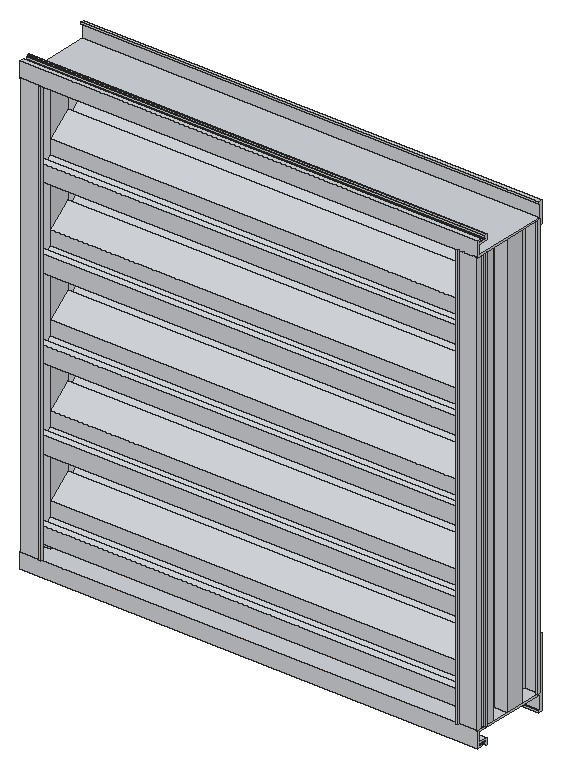
Revit family "D-DR-4", category Mechanical Equipment, Revit 2015
Parameters
  URL = "https://unitedenertech.com/catalog/pdf/A_5%20D-DR-4.pdf"
  Type Comments = "Max. Single Section Size is (120\"w  x  84\"h) or (84\"w  x  120\"h)"
  Number of Blades [instance] = rounddown((Exact Height - 0' 1 3/4") / Blade Spacing)  # 5
  Model = "D-DR-4"
  Manufacturer = "United Enertech Corporation"
  Exact Width = 2' - 0"
  Exact Height = 2' - 0"
  Description = "Double Drainable 4\" Deep Fixed Louver"
  Depth = 0' - 4.162"
  Blade Spacing = 0' - 4 1/4"
  BW [instance] = Exact Width - 0' 1 11/16"  # 1' - 10 5/16"
Reference planes (in)
  plane 1 "Center (Front/Back)": y = 0
  plane 2: z = 0
  plane 3 "Center (Left/Right)": x = 0
  plane 4: x = 24
  plane 5: y = 4.162
  plane 6: z = 24
  plane 7: x = 12
  plane 8: x = 0.834
  plane 9: x = 23.166
  plane 10: z = 23.125
  plane 11: z = 0.875
Forms (in)
  Extrusion 1, solid
    sketch origin (0, 5.41283, 10.13547) x (0, 0, -1) y (0, 1, 0)
      loop
        line (10.13547, -4.83183) -> (9.81047, -4.83183) -> (9.81047, -5.33183) -> (9.34147, -5.33183) -> (9.34147, -1.33183) -> (10.05447, -1.33183) -> (10.05447, -1.43883) -> (10.13547, -1.43883) -> (10.13547, -1.25083) -> (6.46047, -1.25083) -> (6.46047, -1.33183) -> (9.26047, -1.33183) -> (9.26047, -5.41283) -> (10.06047, -5.41283) -> (10.06047, -5.19483) -> (9.97947, -5.19483) -> (9.97947, -5.33183) -> (9.89147, -5.33183) -> (9.89147, -4.91283) -> (9.97947, -4.91283) -> (9.97947, -4.97583) -> (10.06047, -4.97583) -> (10.06047, -4.91283) -> (10.13547, -4.91283) -> (10.13547, -4.83183)
    from 0 to 24
  Extrusion 2, solid
    sketch origin (0, -23.24382, 44.20622) x (0, 1, 0) y (0, 0, 1)
      loop
        line (23.74382, -20.20622) -> (23.74382, -20.28122) -> (23.68082, -20.28122) -> (23.68082, -20.36222) -> (23.74382, -20.36222) -> (23.74382, -20.45022) -> (23.32482, -20.45022) -> (23.32482, -20.36222) -> (23.46182, -20.36222) -> (23.46182, -20.28122) -> (23.24382, -20.28122) -> (23.24382, -21.08122) -> (27.32482, -21.08122) -> (27.32482, -21.33122) -> (27.40582, -21.33122) -> (27.40582, -20.20622) -> (27.21782, -20.20622) -> (27.21782, -20.28722) -> (27.32482, -20.28722) -> (27.32482, -21.00022) -> (23.32482, -21.00022) -> (23.32482, -20.53122) -> (23.82482, -20.53122) -> (23.82482, -20.20622) -> (23.74382, -20.20622)
    from 0 to 24
  Extrusion 3, solid
    sketch origin (-50.88551, -7.31255, 0) x (1, 0, 0) y (0, 1, 0)
      loop
        line (50.88551, 11.20555) -> (50.96896, 11.20555) -> (50.96896, 11.31255) -> (51.63851, 11.31255) -> (51.63851, 10.20984) -> (50.93151, 10.20984) -> (50.93151, 9.29784) -> (51.63851, 9.29784) -> (51.63851, 8.33155) -> (50.93151, 8.33155) -> (50.93151, 7.89355) -> (50.88551, 7.89355) -> (50.88551, 7.81255) -> (50.93151, 7.81255) -> (50.93151, 7.75055) -> (51.01251, 7.75055) -> (51.01251, 7.81255) -> (51.10051, 7.81255) -> (51.10051, 7.39355) -> (51.01251, 7.39355) -> (51.01251, 7.53155) -> (50.93151, 7.53155) -> (50.93151, 7.31255) -> (51.90437, 7.31255) -> (51.90437, 7.26092) -> (52.01051, 7.26092) -> (52.01051, 7.39355) -> (51.71951, 7.39355) -> (51.71951, 7.50055) -> (51.63851, 7.50055) -> (51.63851, 7.39355) -> (51.18151, 7.39355) -> (51.18151, 7.89355) -> (51.01251, 7.89355) -> (51.01251, 8.25055) -> (51.71951, 8.25055) -> (51.71951, 9.37884) -> (51.01251, 9.37884) -> (51.01251, 10.12884) -> (51.71951, 10.12884) -> (51.71951, 11.34355) -> (52.01051, 11.34355) -> (52.01051, 11.39355) -> (50.88551, 11.39355) -> (50.88551, 11.20555)
    from 0.875 to 23.125
  Extrusion 4, solid
    sketch origin (86.88551, -7.31255, 0) x (-1, 0, 0) y (0, -1, 0)
      loop
        line (62.88551, -11.20555) -> (62.88551, -11.39355) -> (64.01051, -11.39355) -> (64.01051, -11.34355) -> (63.71951, -11.34355) -> (63.71951, -10.12884) -> (63.01251, -10.12884) -> (63.01251, -9.37884) -> (63.71951, -9.37884) -> (63.71951, -8.25055) -> (63.01251, -8.25055) -> (63.01251, -7.89355) -> (63.18151, -7.89355) -> (63.18151, -7.39355) -> (63.63851, -7.39355) -> (63.63851, -7.50055) -> (63.71951, -7.50055) -> (63.71951, -7.39355) -> (64.01051, -7.39355) -> (64.01051, -7.26092) -> (63.90437, -7.26092) -> (63.90437, -7.31255) -> (62.93151, -7.31255) -> (62.93151, -7.53155) -> (63.01251, -7.53155) -> (63.01251, -7.39355) -> (63.10051, -7.39355) -> (63.10051, -7.81255) -> (63.01251, -7.81255) -> (63.01251, -7.75055) -> (62.93151, -7.75055) -> (62.93151, -7.81255) -> (62.88551, -7.81255) -> (62.88551, -7.89355) -> (62.93151, -7.89355) -> (62.93151, -8.33155) -> (63.63851, -8.33155) -> (63.63851, -9.29784) -> (62.93151, -9.29784) -> (62.93151, -10.20984) -> (63.63851, -10.20984) -> (63.63851, -11.31255) -> (62.96896, -11.31255) -> (62.96896, -11.20555) -> (62.88551, -11.20555)
    from 0.875 to 23.125
Dimensions and locks (in)
  "Exact Width": plane 3 "Center (Left/Right)" to plane 4
  "Depth": plane 5 to plane 1 "Center (Front/Back)"  (x2)
  "Exact Width": plane 4 to plane 3 "Center (Left/Right)"
  equal spacing: plane 3 "Center (Left/Right)", plane 7, plane 4
  locked: plane 3 "Center (Left/Right)" to plane 8 at 0.834
  locked: plane 9 to plane 4 at 0.834
  "Exact Height": plane 6 to level
  locked: plane 11 to level at 0.875
  locked: plane 6 to plane 10 at 0.875
  equal spacing: group 1, group 2, group 3, group 4, group 5  (x2)
  equal spacing: group 5, group 4, group 3, group 2, group 1
  "Blade Spacing": nested 2 to nested 1
  aligned and locked: level to plane 2
  aligned and locked: level to Extrusion 1
  aligned and locked: plane 5 to Extrusion 1
  aligned and locked: plane 4 to Extrusion 1
  aligned and locked: Extrusion 1 to plane 3 "Center (Left/Right)"
  aligned and locked: plane 6 to Extrusion 2  (x2)
  aligned and locked: Extrusion 2 to plane 3 "Center (Left/Right)"
  aligned and locked: plane 4 to Extrusion 2
  aligned and locked: Extrusion 2 to plane 10
  aligned and locked: Extrusion 3 to plane 3 "Center (Left/Right)"
  aligned and locked: Extrusion 3 to plane 11
  aligned and locked: plane 10 to Extrusion 3
  aligned and locked: plane 4 to Extrusion 4
  aligned and locked: Extrusion 4 to plane 11
  aligned and locked: plane 10 to Extrusion 4
  aligned and locked: plane 10 to nested 1
  aligned and locked: nested 1 to Extrusion 3
  aligned and locked: plane 7 to nested 1
  aligned and locked: nested 2 to nested 1
Automatic sketch dimensions
  Extrusion 1 sketch curve to plane 5 = 0' - 0"
  plane 11 to Extrusion 1 sketch curve = 0' - 0"
  Extrusion 1 sketch curve to plane 1 "Center (Front/Back)" = 0' - 0"
  Extrusion 1 sketch curve to level = 0' - 0"  (x2)
  plane 11 to Extrusion 1 sketch curve = 0' - 2.8"
  Extrusion 1 sketch curve to Extrusion 1 sketch curve = 0' - 0.081"  (x3)
  level to Extrusion 1 sketch curve = 0' - 0.325"
  Extrusion 1 sketch curve to Extrusion 1 sketch curve = 0' - 0.088"  (x2)
  level to Extrusion 1 sketch curve = 0' - 0.081"
  level to Extrusion 1 sketch curve = 0' - 0.075"  (x2)
  Extrusion 1 sketch curve to plane 1 "Center (Front/Back)" = 0' - 0.081"  (x2)
  Extrusion 1 sketch curve to Extrusion 1 sketch curve = 0' - 0.137"
  Extrusion 1 sketch curve to Extrusion 1 sketch curve = 0' - 0.219"
  Extrusion 1 sketch curve to Extrusion 1 sketch curve = 0' - 0.063"  (x2)
  Extrusion 1 sketch curve to plane 5 = 0' - 0.188"
  Extrusion 1 sketch curve to plane 5 = 0' - 0.081"
  Extrusion 1 sketch curve to Extrusion 1 sketch curve = 0' - 0"
  Extrusion 2 sketch curve to plane 1 "Center (Front/Back)" = 0' - 0"
  Extrusion 2 sketch curve to plane 6 = 0' - 0"  (x2)
  plane 10 to Extrusion 2 sketch curve = 0' - 0"
  Extrusion 2 sketch curve to plane 5 = 0' - 0"
  Extrusion 2 sketch curve to plane 1 "Center (Front/Back)" = 0' - 0.081"  (x2)
  Extrusion 2 sketch curve to Extrusion 2 sketch curve = 0' - 0.137"
  Extrusion 2 sketch curve to plane 6 = 0' - 0.075"  (x2)
  Extrusion 2 sketch curve to Extrusion 2 sketch curve = 0' - 0.219"
  Extrusion 2 sketch curve to Extrusion 2 sketch curve = 0' - 0.063"  (x2)
  Extrusion 2 sketch curve to Extrusion 2 sketch curve = 0' - 0.081"  (x4)
  Extrusion 2 sketch curve to Extrusion 2 sketch curve = 0' - 0.188"
  Extrusion 2 sketch curve to plane 5 = 0' - 0.081"
  Extrusion 2 sketch curve to Extrusion 2 sketch curve = 0' - 0"
  Extrusion 2 sketch curve to plane 10 = 0' - 0 1/4"
  plane 10 to Extrusion 2 sketch curve = 0' - 0.081"
  Extrusion 2 sketch curve to Extrusion 2 sketch curve = 0' - 0 1/4"
  Extrusion 2 sketch curve to Extrusion 2 sketch curve = 0' - 0.088"
  Extrusion 3 sketch curve to plane 3 "Center (Left/Right)" = 0' - 0"  (x2)
  plane 1 "Center (Front/Back)" to Extrusion 3 sketch curve = 0' - 0"
  Extrusion 3 sketch curve to plane 8 = 0' - 0"  (x3)
  plane 3 "Center (Left/Right)" to Extrusion 3 sketch curve = 0' - 0.046"  (x3)
  Extrusion 3 sketch curve to Extrusion 3 sketch curve = 0' - 0.046"
  Extrusion 3 sketch curve to Extrusion 3 sketch curve = 0' - 0.08344"
  Extrusion 3 sketch curve to Extrusion 3 sketch curve = 0' - 0.081"  (x10)
  Extrusion 3 sketch curve to Extrusion 3 sketch curve = 0' - 0.088"
  plane 8 to Extrusion 3 sketch curve = 0' - 0.081"  (x3)
  Extrusion 3 sketch curve to plane 8 = 0' - 0.18486"
  Extrusion 3 sketch curve to Extrusion 3 sketch curve = 0' - 0.10614"
  Extrusion 3 sketch curve to plane 5 = 0' - 0.131"
  Extrusion 3 sketch curve to Extrusion 3 sketch curve = 0' - 0.291"
  plane 1 "Center (Front/Back)" to Extrusion 3 sketch curve = 0' - 0.05163"
  Extrusion 3 sketch curve to plane 1 "Center (Front/Back)" = 0' - 0.081"  (x3)
  Extrusion 3 sketch curve to Extrusion 3 sketch curve = 0' - 0.107"  (x2)
  Extrusion 3 sketch curve to Extrusion 3 sketch curve = 0' - 0.138"
  Extrusion 3 sketch curve to Extrusion 3 sketch curve = 0' - 0.219"
  Extrusion 3 sketch curve to Extrusion 3 sketch curve = 0' - 0.062"  (x2)
  Extrusion 3 sketch curve to Extrusion 3 sketch curve = 0' - 0.357"
  Extrusion 3 sketch curve to Extrusion 3 sketch curve = 0' - 0.96628"
  Extrusion 3 sketch curve to Extrusion 3 sketch curve = 0' - 0 3/4"
  Extrusion 3 sketch curve to plane 5 = 0' - 0.269"
  Extrusion 3 sketch curve to plane 5 = 0' - 0.081"
  Extrusion 4 sketch curve to plane 4 = 0' - 0"  (x2)
  plane 1 "Center (Front/Back)" to Extrusion 4 sketch curve = 0' - 0"
  Extrusion 4 sketch curve to plane 9 = 0' - 0"  (x3)
  plane 4 to Extrusion 4 sketch curve = 0' - 0.046"  (x3)
  Extrusion 4 sketch curve to Extrusion 4 sketch curve = 0' - 0.046"
  Extrusion 4 sketch curve to Extrusion 4 sketch curve = 0' - 0.08344"
  Extrusion 4 sketch curve to Extrusion 4 sketch curve = 0' - 0.081"  (x10)
  Extrusion 4 sketch curve to Extrusion 4 sketch curve = 0' - 0.088"
  plane 9 to Extrusion 4 sketch curve = 0' - 0.081"  (x3)
  Extrusion 4 sketch curve to plane 9 = 0' - 0.18486"
  Extrusion 4 sketch curve to Extrusion 4 sketch curve = 0' - 0.10614"
  plane 5 to Extrusion 4 sketch curve = 0' - 0.131"
  Extrusion 4 sketch curve to Extrusion 4 sketch curve = 0' - 0.291"
  Extrusion 4 sketch curve to plane 1 "Center (Front/Back)" = 0' - 0.05163"
  plane 1 "Center (Front/Back)" to Extrusion 4 sketch curve = 0' - 0.081"  (x3)
  Extrusion 4 sketch curve to Extrusion 4 sketch curve = 0' - 0.107"  (x2)
  Extrusion 4 sketch curve to Extrusion 4 sketch curve = 0' - 0.138"
  Extrusion 4 sketch curve to Extrusion 4 sketch curve = 0' - 0.219"
  Extrusion 4 sketch curve to Extrusion 4 sketch curve = 0' - 0.062"  (x2)
  Extrusion 4 sketch curve to Extrusion 4 sketch curve = 0' - 0.357"
  Extrusion 4 sketch curve to Extrusion 4 sketch curve = 0' - 0.96628"
  Extrusion 4 sketch curve to Extrusion 4 sketch curve = 0' - 0 3/4"
  plane 5 to Extrusion 4 sketch curve = 0' - 0.269"
  plane 5 to Extrusion 4 sketch curve = 0' - 0.081"
Nested families (in)
  nested 1: "DDR4 Blade" at (12, 5.97726, 3.66723), type "DDR4 Blade"
    with Blade Width 1' - 10 5/16"
  nested 2: "DDR4 Blade" at (12, 5.97726, -0.58277), type "DDR4 Blade"
    with Blade Width 1' - 10 5/16"
  nested 3: "DDR4 Blade" at (12, 5.97726, -4.83277), type "DDR4 Blade"
    with Blade Width 1' - 10 5/16"
  nested 4: "DDR4 Blade" at (12, 5.97726, -9.08277), type "DDR4 Blade"
    with Blade Width 1' - 10 5/16"
  nested 5: "DDR4 Blade" at (12, 5.97726, -13.33277), type "DDR4 Blade"
    with Blade Width 1' - 10 5/16"
Definition of nested family "DDR4 Blade"
  Parameters (values of type "DDR4 Blade")
    Blade Width = 2' - 0"
  Reference planes (in)
    plane 1 "Center (Front/Back)": y = 0
    plane 2: z = 0
    plane 3 "Center (Left/Right)": x = 0
    plane 4: x = -12
    plane 5: x = 12
  Forms (in)
    Extrusion 1, solid
      sketch origin (0, 0, 0) x (0, 1, 0) y (0, 0, 1)
        loop
          line (-2.32157, 19.45777) -> (-2.32157, 19.36377) -> (-2.05045, 19.36377) -> (-2.05045, 18.43786) -> (-2.65538, 18.43786) -> (-3.16914, 18.02209) -> (-3.16914, 17.50536) -> (-3.92114, 16.8964) -> (-3.92114, 17.39897) -> (-5.04895, 16.48569) -> (-5.04895, 15.73311) -> (-5.80226, 15.1231) -> (-5.80226, 15.7534) -> (-5.6605, 15.8682) -> (-5.71966, 15.94125) -> (-5.89626, 15.79824) -> (-5.89626, 14.92602) -> (-4.95495, 15.68828) -> (-4.95495, 16.44085) -> (-4.01514, 17.2019) -> (-4.01514, 16.69932) -> (-3.07514, 17.46052) -> (-3.07514, 17.97725) -> (-2.62209, 18.34412) -> (-1.95645, 18.34412) -> (-1.95645, 19.45777) -> (-2.32157, 19.45777)
      from -12 to 12
  Dimensions and locks (in)
    equal spacing: plane 5, plane 3 "Center (Left/Right)", plane 4
    "Blade Width": plane 5 to plane 4
    aligned and locked: level to plane 2
    aligned and locked: Extrusion 1 to plane 4
    aligned and locked: plane 5 to Extrusion 1
  Automatic sketch dimensions
    plane 1 "Center (Front/Back)" to Extrusion 1 sketch curve = 0' - 2.32157"
    Extrusion 1 sketch curve to Extrusion 1 sketch curve = 0' - 0.36512"
    Extrusion 1 sketch curve to Extrusion 1 sketch curve = 0' - 0.094"  (x6)
    Extrusion 1 sketch curve to Extrusion 1 sketch curve = 0' - 0.92592"
    Extrusion 1 sketch curve to Extrusion 1 sketch curve = 0' - 0 3/32"
    Extrusion 1 sketch curve to Extrusion 1 sketch curve = 0' - 0.60493"
    Extrusion 1 sketch curve to Extrusion 1 sketch curve = 0' - 0.03329"
    Extrusion 1 sketch curve to Extrusion 1 sketch curve = 0' - 0.45305"
    Extrusion 1 sketch curve to Extrusion 1 sketch curve = 0' - 0.36687"
    Extrusion 1 sketch curve to Extrusion 1 sketch curve = 0' - 0.04484"  (x4)
    Extrusion 1 sketch curve to Extrusion 1 sketch curve = 0' - 0.51673"
    Extrusion 1 sketch curve to Extrusion 1 sketch curve = 0' - 0.846"
    Extrusion 1 sketch curve to Extrusion 1 sketch curve = 0' - 0.80603"
    Extrusion 1 sketch curve to Extrusion 1 sketch curve = 0' - 0.19708"  (x3)
    Extrusion 1 sketch curve to Extrusion 1 sketch curve = 0' - 0.50257"
    Extrusion 1 sketch curve to Extrusion 1 sketch curve = 0' - 0.93981"
    Extrusion 1 sketch curve to Extrusion 1 sketch curve = 0' - 0.25847"
    Extrusion 1 sketch curve to Extrusion 1 sketch curve = 0' - 0.54444"
    Extrusion 1 sketch curve to Extrusion 1 sketch curve = 0' - 0.05916"
    Extrusion 1 sketch curve to Extrusion 1 sketch curve = 0' - 0.1766"
    level to Extrusion 1 sketch curve = 1' - 3.8682"
    Extrusion 1 sketch curve to Extrusion 1 sketch curve = 0' - 0.07305"
    Extrusion 1 sketch curve to Extrusion 1 sketch curve = 0' - 0.63031"
    Extrusion 1 sketch curve to Extrusion 1 sketch curve = 0' - 0.61155"
    Extrusion 1 sketch curve to Extrusion 1 sketch curve = 0' - 0.13508"
